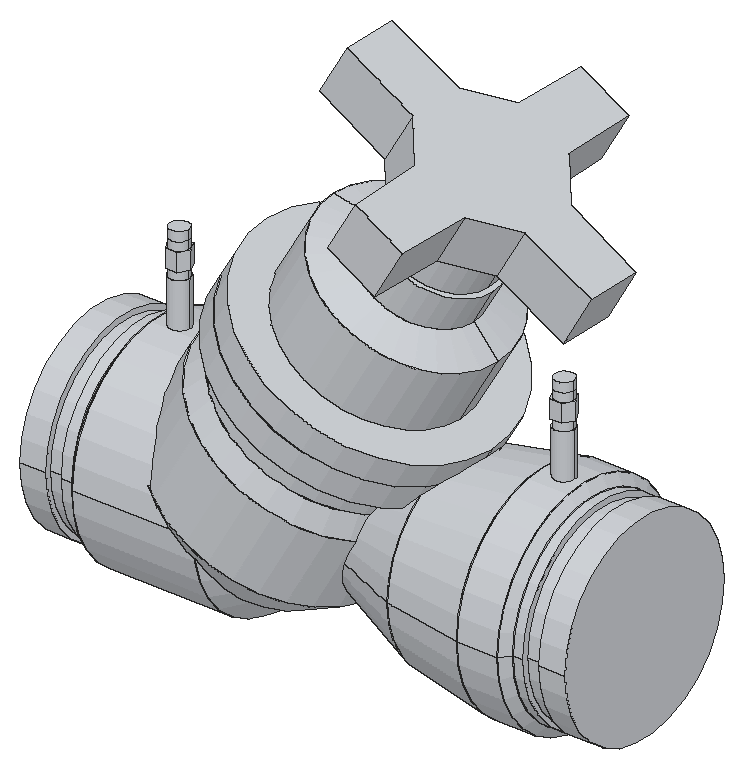
Revit family "447_d-DN200-RFA_2019", category Pipe Accessories, Revit 2019
Family settings
  Round Connector Dimension = Use Diameter
  Part Type = Valve - Breaks Into
  Work Plane-Based = No
  Always vertical = Yes
  Cut with Voids When Loaded = No
  Shared = No
Parameters (values of type "447_d-DN200")
  magiProductId = "f5a67fe5c2444fc986ed7f87b9a4ed"
  magiProductFamilyId = "eab8c084d85f47fc9aed3208e9defb"
  magiPartTypeId = 304
  isMeasuringValve [instance] = no
  ang2D [instance] = 0.00°
  W3 = 31.658 mm
  W2D = 100 mm
  W2 = 71.601 mm
  W1 = 30.372 mm
  VersionID = "2.0/2018.4.11.4/ZETKAMA_447_GROOVED_001"
  Use Minimum Symbol Size [instance] = yes
  URL = "www.hydronix.cz"
  Type Comments = "drážkový spoj; PN16; -10~+120°C;"
  R9 = 142.35 mm
  R8 = 60.225 mm
  R7 = 65.7 mm
  R6 = 131.4 mm
  R5 = 155 mm
  R4 = 60.225 mm
  R3 = 120.45 mm
  R2 = 104.025 mm
  R13 = 12.869 mm
  R12 = 10.071 mm
  R11 = 11.19 mm
  R1 = 109.5 mm
  R = 100 mm
  QmdConnectorList = "301;D;302;D"
  Productdata [instance] = ""
  Model = ""
  Manufacturer = "Hydronix"
  Maintenance Zone Under Depth [instance] = 110 mm
  Maintenance Zone Right Depth [instance] = 600 mm
  Maintenance Zone Over Depth [instance] = 480 mm
  Maintenance Zone Left Depth [instance] = 600 mm
  Maintenance Zone Front Depth [instance] = 310 mm
  Maintenance Zone Back Depth [instance] = 310 mm
  Maintenance Zone Front Visibility [instance] = no
  MC Product Code = "447 200 d (DN200; PN16 kvs710,0)"
  MC Piping Given Pressure Drop [instance] = 0.0 Pa
  L9 = 89.524 mm
  L8__ve = -L8  # -44.762 mm
  L8 = 44.762 mm
  L6 = 134.286 mm
  L5 = 8.571 mm
  L4__ve = -L4  # -11.429 mm
  L4 = 11.429 mm
  L3__ve = -L3  # -17.143 mm
  L3 = 17.143 mm
  L2__ve = -L2  # -28.571 mm
  L2D_Min = 3048 mm
  L2D = 350 mm
  L2 = 28.571 mm
  L13 = 22.381 mm
  L12 = 30.372 mm
  L11 = 31.658 mm
  L10 = 71.601 mm
  L1 = 300 mm
  KZ = 50 mm
  KL = 86.603 mm
  H9 = 12.394 mm
  H8 = 80.56 mm
  H7 = 30.984 mm
  H6 = 37.181 mm
  H5 = 24.788 mm
  H4 = 92.953 mm
  H17 = 19.2 mm
  H16 = 9.6 mm
  H15 = 168.45 mm
  H14 = 61.969 mm
  H13 = 46.477 mm
  H11 = 49.575 mm
  H10 = 43.378 mm
  Description = "Ruční vyvažovací ventil s drážkovým spojem"
  D = 200 mm
  CenSd_R13_6 = R13 * cos(30.00°)  # 11.145 mm
  Clearance Zone Height Depth [instance] = 480 mm
  Clearance Zone Circular Radius [instance] = 300 mm
  Clearance Zone Visibility [instance] = no
Types (10, lengths in mm): name | magiProductId | W3 | W2 | W1 | R9 | R8 | R7 | R6 | R5 | R4 | R3 | R2 | R13 | R12 | R11 | R1 | R | Maintenance Zone Under Depth | Maintenance Zone Right Depth | Maintenance Zone Over Depth | Maintenance Zone Left Depth | Maintenance Zone Front Depth | Maintenance Zone Back Depth | MC Product Code | L9 | L8__ve | L8 | L6 | L5 | L4__ve | L4 | L3__ve | L3 | L2__ve | L2 | L13 | L12 | L11 | L10 | L1 | KZ | KL | H9 | H8 | H7 | H6 | H5 | H4 | H17 | H16 | H15 | H14 | H13 | H11 | H10 | D | CenSd_R13_6 | Clearance Zone Height Depth | Clearance Zone Circular Radius
  447_d-DN100 | "e5a6bfdd9ca54003a0551f5d760c3c" | 14.437 | 30.026 | 12.736 | 74.1 | 31.35 | 34.2 | 68.4 | 65 | 31.35 | 62.7 | 54.15 | 7.507 | 5.875 | 6.528 | 57 | 50 | 57 | 350 | 240 | 350 | 130 | 130 | "447 100 d (DN100; PN16 kvs180,5)" | 52.222 | -26.111 | 26.111 | 78.333 | 5 | -6.667 | 6.667 | -10 | 10 | -16.667 | 16.667 | 13.056 | 12.736 | 14.437 | 30.026 | 175 | 29.167 | 50.518 | 6.389 | 41.531 | 15.973 | 19.168 | 12.779 | 47.92 | 9.6 | 4.8 | 86.7 | 31.947 | 23.96 | 25.557 | 22.363 | 100 | 6.501 | 240 | 175
  447_d-DN125 | "5795ec580370482d8c46e49d975863" | 14.437 | 30.026 | 12.736 | 91.65 | 38.775 | 42.3 | 84.6 | 65 | 38.775 | 77.55 | 66.975 | 8.579 | 6.714 | 7.46 | 70.5 | 62.5 | 71 | 400 | 260 | 400 | 130 | 130 | "447 125 d (DN125; PN16 kvs280,0)" | 59.683 | -29.841 | 29.841 | 89.524 | 5.714 | -7.619 | 7.619 | -11.429 | 11.429 | -19.048 | 19.048 | 14.921 | 12.736 | 14.437 | 30.026 | 200 | 33.333 | 57.735 | 7.005 | 45.534 | 17.513 | 21.016 | 14.01 | 52.539 | 10.4 | 5.2 | 103.55 | 35.026 | 26.269 | 28.021 | 24.518 | 125 | 7.43 | 260 | 200
  447_d-DN150 | "9b6b5ad10a674c51b522359e7e2d39" | 14.437 | 30.026 | 12.736 | 109.2 | 46.2 | 50.4 | 100.8 | 65 | 46.2 | 92.4 | 79.8 | 10.295 | 8.057 | 8.952 | 84 | 75 | 84 | 480 | 285 | 480 | 130 | 130 | "447 150 d (DN150; PN16 kvs383,4)" | 71.619 | -35.81 | 35.81 | 107.429 | 6.857 | -9.143 | 9.143 | -13.714 | 13.714 | -22.857 | 22.857 | 17.905 | 12.736 | 14.437 | 30.026 | 240 | 40 | 69.282 | 7.775 | 50.537 | 19.437 | 23.325 | 15.55 | 58.312 | 11.4 | 5.7 | 120.9 | 38.875 | 29.156 | 31.1 | 27.212 | 150 | 8.916 | 285 | 240
  447_d-DN200 | "f5a67fe5c2444fc986ed7f87b9a4ed" | 31.658 | 71.601 | 30.372 | 142.35 | 60.225 | 65.7 | 131.4 | 155 | 60.225 | 120.45 | 104.025 | 12.869 | 10.071 | 11.19 | 109.5 | 100 | 110 | 600 | 480 | 600 | 310 | 310 | "447 200 d (DN200; PN16 kvs710,0)" | 89.524 | -44.762 | 44.762 | 134.286 | 8.571 | -11.429 | 11.429 | -17.143 | 17.143 | -28.571 | 28.571 | 22.381 | 30.372 | 31.658 | 71.601 | 300 | 50 | 86.603 | 12.394 | 80.56 | 30.984 | 37.181 | 24.788 | 92.953 | 19.2 | 9.6 | 168.45 | 61.969 | 46.477 | 49.575 | 43.378 | 200 | 11.145 | 480 | 300
  447_d-DN250 | "7d63ae0d28f64990bc8ce3477101ef" | 31.658 | 71.601 | 30.372 | 177.45 | 75.075 | 81.9 | 163.8 | 155 | 75.075 | 150.15 | 129.675 | 15.657 | 12.254 | 13.615 | 136.5 | 125 | 137 | 730 | 525 | 730 | 310 | 310 | "447 250 d (DN250; PN16 kvs1187,5)" | 108.921 | -54.46 | 54.46 | 163.381 | 10.429 | -13.905 | 13.905 | -20.857 | 20.857 | -34.762 | 34.762 | 27.23 | 30.372 | 31.658 | 71.601 | 365 | 60.833 | 105.366 | 13.779 | 89.566 | 34.449 | 41.338 | 27.559 | 103.346 | 21 | 10.5 | 202.65 | 68.897 | 51.673 | 55.118 | 48.228 | 250 | 13.56 | 525 | 365
  447_d-DN300 | "0a2a34dba99a430aa7daf784d6b0c1" | 31.658 | 71.601 | 30.372 | 210.6 | 89.1 | 97.2 | 194.4 | 155 | 89.1 | 178.2 | 153.9 | 18.231 | 14.268 | 15.853 | 162 | 150 | 162 | 850 | 535 | 850 | 310 | 310 | "447 300 d (DN300; PN16 kvs1504,1)" | 126.825 | -63.413 | 63.413 | 190.238 | 12.143 | -16.19 | 16.19 | -24.286 | 24.286 | -40.476 | 40.476 | 31.706 | 30.372 | 31.658 | 71.601 | 425 | 70.833 | 122.687 | 14.087 | 91.568 | 35.218 | 42.262 | 28.175 | 105.655 | 21.4 | 10.7 | 231.7 | 70.437 | 52.828 | 56.349 | 49.306 | 300 | 15.789 | 535 | 425
  447_d-DN040 | "6dc4a6b5eb924103b02307904d600f" | 9.08 | 17.092 | 7.25 | 31.2 | 13.2 | 14.4 | 28.8 | 37 | 13.2 | 26.4 | 22.8 | 4.29 | 3.357 | 3.73 | 24 | 20 | 24 | 200 | 130 | 200 | 74 | 74 | "447 040 d (DN40; PN16 kvs22,36)" | 29.841 | -14.921 | 14.921 | 44.762 | 2.857 | -3.81 | 3.81 | -5.714 | 5.714 | -9.524 | 9.524 | 7.46 | 7.25 | 9.08 | 17.092 | 100 | 16.667 | 28.868 | 3.433 | 22.317 | 8.583 | 10.3 | 6.867 | 25.75 | 5.2 | 2.6 | 39.4 | 17.167 | 12.875 | 13.733 | 12.017 | 40 | 3.715 | 130 | 100
  447_d-DN050 | "b59a3d0ad4654cda90cee0c397c848" | 9.08 | 17.092 | 7.25 | 39 | 16.5 | 18 | 36 | 37 | 16.5 | 33 | 28.5 | 4.933 | 3.861 | 4.29 | 30 | 25 | 30 | 230 | 130 | 230 | 130 | 130 | "447 050 d (DN50; PN16 kvs32,15)" | 34.317 | -17.159 | 17.159 | 51.476 | 3.286 | -4.381 | 4.381 | -6.571 | 6.571 | -10.952 | 10.952 | 8.579 | 7.25 | 9.08 | 17.092 | 115 | 19.167 | 33.198 | 3.433 | 22.317 | 8.583 | 10.3 | 6.867 | 25.75 | 5.2 | 2.6 | 46 | 17.167 | 12.875 | 13.733 | 12.017 | 50 | 4.272 | 130 | 115
  447_d-DN065 | "356db372cd37496c9ff0d3ad255dc6" | 14.437 | 30.026 | 12.736 | 49.4 | 20.9 | 22.8 | 45.6 | 65 | 20.9 | 41.8 | 36.1 | 6.22 | 4.868 | 5.409 | 38 | 32.5 | 38 | 290 | 220 | 290 | 130 | 130 | "447 065 d (DN65; PN16 kvs83,3)" | 43.27 | -21.635 | 21.635 | 64.905 | 4.143 | -5.524 | 5.524 | -8.286 | 8.286 | -13.81 | 13.81 | 10.817 | 12.736 | 14.437 | 30.026 | 145 | 24.167 | 41.858 | 5.774 | 37.528 | 14.434 | 17.321 | 11.547 | 43.301 | 8.8 | 4.4 | 63.8 | 28.868 | 21.651 | 23.094 | 20.207 | 65 | 5.387 | 220 | 145
  447_d-DN080 | "f43aa02b4841429783243073d22ea7" | 14.437 | 30.026 | 12.736 | 57.85 | 24.475 | 26.7 | 53.4 | 65 | 24.475 | 48.95 | 42.275 | 6.649 | 5.204 | 5.782 | 44.5 | 40 | 45 | 310 | 220 | 310 | 130 | 130 | "447 080 d (DN80; PN16 kvs104,3)" | 46.254 | -23.127 | 23.127 | 69.381 | 4.429 | -5.905 | 5.905 | -8.857 | 8.857 | -14.762 | 14.762 | 11.563 | 12.736 | 14.437 | 30.026 | 155 | 25.833 | 44.745 | 5.774 | 37.528 | 14.434 | 17.321 | 11.547 | 43.301 | 8.8 | 4.4 | 70.95 | 28.868 | 21.651 | 23.094 | 20.207 | 80 | 5.758 | 220 | 155
Reference planes
  plane 1 "Center (Front/Back)": y = 0
  plane 2 "XYPLANE": z = 0
  plane 3 "Center (Left/Right)": x = 0
  plane 4 "159": y = 310
  plane 5 "158": y = -310
  plane 6 "157": z = -110
  plane 7 "156": z = 480
  plane 8 "155": x = -600
  plane 9 "154": x = 600
  plane 10 "132": z = 206.85
  plane 11 "125": z = 197.25
  plane 12 "120": z = 178.05
  plane 13 "119": z = 168.45
  plane 14 "112": x = 211.905
  plane 15 "111": x = -211.905
  plane 16 "109": y = -31.658
  plane 17 "108": y = 31.658
  plane 18 "105": through (326.303, 0, 677.634) normal (0.866, 0, -0.5)
  plane 19 "104": through (273.697, 0, 708.006) normal (0.866, 0, -0.5)
  plane 20 "103": y = -71.601
  plane 21 "102": y = -30.372
  plane 22 "101": y = 71.601
  plane 23 "100": y = 30.372
  plane 24 "99": through (272.583, 0, 708.649) normal (0.866, 0, -0.5)
  plane 25 "98": through (237.992, 0, 728.621) normal (0.866, 0, -0.5)
  plane 26 "97": through (327.417, 0, 676.991) normal (0.866, 0, -0.5)
  plane 27 "96": through (362.008, 0, 657.02) normal (0.866, 0, -0.5)
  plane 28 "95": y = -155
  plane 29 "94": y = 155
  plane 30 "93": through (434.234, 0, 615.32) normal (0.866, 0, -0.5)
  plane 31 "92": through (165.766, 0, 770.32) normal (0.866, 0, -0.5)
  plane 32 "88": x = 100
  plane 33 "87": x = 189.524
  plane 34 "81": through (-473.12, 0, 680.532) normal (0.5, 0, 0.866)
  plane 35 "80": through (-497.908, 0, 637.599) normal (0.5, 0, 0.866)
  plane 36 "75": through (-519.597, 0, 600.032) normal (0.5, 0, 0.866)
  plane 37 "72": through (-525.794, 0, 589.299) normal (0.5, 0, 0.866)
  plane 38 "68": through (-566.073, 0, 519.532) normal (0.5, 0, 0.866)
  plane 39 "67": through (-581.566, 0, 492.699) normal (0.5, 0, 0.866)
  plane 40 "62": through (-697.757, 0, 291.449) normal (0.5, 0, 0.866)
  plane 41 "61": through (-597.058, 0, 465.865) normal (0.5, 0, 0.866)
  plane 42 "58": through (-615.649, 0, 433.665) normal (0.5, 0, 0.866)
  plane 43 "56": through (-628.042, 0, 412.199) normal (0.5, 0, 0.866)
  plane 44 "51": y = 0
  plane 45 "49": through (300, 0, 692.82) normal (0.866, 0, -0.5)
  plane 46 "48": through (-674.519, 0, 331.699) normal (0.5, 0, 0.866)
  plane 47 "30": x = 234.286
  plane 48 "29": x = 242.857
  plane 49 "28": x = 254.286
  plane 50 "27": x = 271.429
  plane 51 "14": x = -100
  plane 52 "13": x = -234.286
  plane 53 "12": x = -242.857
  plane 54 "11": x = -254.286
  plane 55 "10": x = -271.429
  plane 56 "8": x = -300
  plane 57 "7": x = 300
  plane 58 "6": y = 0
  plane 59 "5": x = 0
  plane 60 "4": z = 0
  plane 61 "45XY": through (-649.519, 0, 375) normal (0.5, 0, 0.866)
  plane 62 "45XZ": y = 0
  plane 63 "45YZ": through (375, 0, 649.519) normal (0.866, 0, -0.5)
Forms (mm)
  Blend 1, solid, visible <- "Maintenance Zone Front Visibility"
    base sketch origin (-750, 0, -110) x (1, 0, 0) y (0, 1, 0)
      loop
        line (150, 310) -> (150, -310) -> (1350, -310) -> (1350, 310) -> (150, 310)
    top sketch origin (-750, 0, -110) x (1, 0, 0) y (0, 1, 0)
      loop
        line (150, 310) -> (150, -310) -> (1350, -310) -> (1350, 310) -> (150, 310)
    from 0 to 590
  Extrusion 2, solid, visible <- "Clearance Zone Visibility"
    sketch origin (-750, 0, 0) x (1, 0, 0) y (0, 1, 0)
      loop
        circle (750, 0) r 300
    from 0 to 480 <- "Clearance Zone Height Depth"
  Extrusion 3, solid
    sketch origin (-750, 0, 206.85) x (1, 0, 0) y (0, 1, 0)
      loop
        circle (961.905, 0) r 10.071
    from 0 to 9.6 <- "H16"
  Extrusion 4, solid
    sketch origin (-750, 0, 197.25) x (1, 0, 0) y (0, 1, 0)
      loop
        circle (961.905, 0) r 10.071
    from 0 to 9.6 <- "H16"
  Extrusion 5, solid
    sketch origin (-750, 0, 206.85) x (1, 0, 0) y (0, 1, 0)
      loop
        circle (538.095, 0) r 10.071
    from 0 to 9.6 <- "H16"
  Extrusion 6, solid
    sketch origin (-750, 0, 197.25) x (1, 0, 0) y (0, 1, 0)
      loop
        circle (538.095, 0) r 10.071
    from 0 to 9.6 <- "H16"
  Extrusion 7, solid
    sketch origin (-750, 0, 178.05) x (1, 0, 0) y (0, 1, 0)
      loop
        line (974.774, 0) -> (968.339, 11.145) -> (955.47, 11.145) -> (949.036, 0) -> (955.47, -11.145) -> (968.339, -11.145) -> (974.774, 0)
    from 0 to 19.2 <- "H17"
  Extrusion 8, solid
    sketch origin (-750, 0, 178.05) x (1, 0, 0) y (0, 1, 0)
      loop
        line (550.964, 0) -> (544.53, 11.145) -> (531.661, 11.145) -> (525.226, 0) -> (531.661, -11.145) -> (544.53, -11.145) -> (550.964, 0)
    from 0 to 19.2 <- "H17"
  Extrusion 9, solid
    sketch origin (-750, 0, 168.45) x (1, 0, 0) y (0, 1, 0)
      loop
        circle (961.905, 0) r 10.071
    from 0 to 9.6 <- "H16"
  Extrusion 10, solid
    sketch origin (-750, 0, 168.45) x (1, 0, 0) y (0, 1, 0)
      loop
        circle (538.095, 0) r 10.071
    from 0 to 9.6 <- "H16"
  Extrusion 11, solid
    sketch origin (-750, 0, 0) x (1, 0, 0) y (0, 1, 0)
      loop
        circle (961.905, 0) r 11.19
    from 0 to 168.45 <- "H15"
  Extrusion 12, solid
    sketch origin (-750, 0, 0) x (1, 0, 0) y (0, 1, 0)
      loop
        circle (538.095, 0) r 11.19
    from 0 to 168.45 <- "H15"
  Extrusion 13, solid
    sketch origin (-473.12, 0, 680.532) x (0.866025, 0, -0.5) y (0, 1, 0)
      loop
        line (508.397, 30.372) -> (508.397, -30.372) -> (591.797, -31.658) -> (631.739, -71.601) -> (633.026, -155) -> (693.769, -155) -> (695.055, -71.601) -> (734.998, -31.658) -> (818.397, -30.372) -> (818.397, 30.372) -> (734.998, 31.658) -> (695.055, 71.601) -> (693.769, 155) -> (633.026, 155) -> (631.739, 71.601) -> (591.797, 31.658) -> (508.397, 30.372)
    from 0 to 61.969 <- "H14"
  Blend 14, solid
    base sketch origin (189.524, -750, 0) x (0, 1, 0) y (0, 0, 1)
      loop
        circle (750, 0) r 120.45
    top sketch origin (189.524, -750, 0) x (0, 1, 0) y (0, 0, 1)
      loop
        circle (750, 0) r 104.025
    from 0 to -89.524
  Extrusion 15, solid
    sketch origin (-581.566, 0, 492.699) x (0.866025, 0, -0.5) y (0, 1, 0)
      loop
        circle (663.397, 0) r 142.35
    from 0 to 30.984 <- "H7"
  Extrusion 16, solid
    sketch origin (-597.058, 0, 465.865) x (0.866025, 0, -0.5) y (0, 1, 0)
      loop
        circle (663.397, 0) r 142.35
    from 0 to 30.984 <- "H7"
  Extrusion 17, solid
    sketch origin (-497.908, 0, 637.599) x (0.866025, 0, -0.5) y (0, 1, 0)
      loop
        circle (663.397, 0) r 60.225
    from 0 to 49.575 <- "H11"
  Blend 18, solid
    base sketch origin (-525.794, 0, 589.299) x (0.866025, 0, -0.5) y (0, 1, 0)
      loop
        circle (663.397, 0) r 104.025
    top sketch origin (-525.794, 0, 589.299) x (0.866025, 0, -0.5) y (0, 1, 0)
      loop
        circle (663.397, 0) r 65.7
    from 0 to 12.394
  Extrusion 19, solid
    sketch origin (-566.073, 0, 519.532) x (0.866025, 0, -0.5) y (0, 1, 0)
      loop
        circle (663.397, 0) r 104.025
    from 0 to 80.56 <- "H8"
  Extrusion 20, solid
    sketch origin (-519.597, 0, 600.032) x (0.866025, 0, -0.5) y (0, 1, 0)
      loop
        circle (663.397, 0) r 65.7
    from 0 to 43.378 <- "H10"
  Blend 21, solid
    base sketch origin (-674.519, 0, 331.699) x (0.866025, 0, -0.5) y (0, 1, 0)
      loop
        circle (663.397, 0) r 131.4
    top sketch origin (-674.519, 0, 331.699) x (0.866025, 0, -0.5) y (0, 1, 0)
      loop
        circle (663.397, 0) r 100
    from 0 to -46.477
  Extrusion 22, solid
    sketch origin (-615.649, 0, 433.665) x (0.866025, 0, -0.5) y (0, 1, 0)
      loop
        circle (663.397, 0) r 120.45
    from 0 to 37.181 <- "H6"
  Blend 23, solid
    base sketch origin (-628.042, 0, 412.199) x (0.866025, 0, -0.5) y (0, 1, 0)
      loop
        circle (663.397, 0) r 131.4
    top sketch origin (-628.042, 0, 412.199) x (0.866025, 0, -0.5) y (0, 1, 0)
      loop
        circle (663.397, 0) r 120.45
    from 0 to 24.788
  Extrusion 24, solid
    sketch origin (-674.519, 0, 331.699) x (0.866025, 0, -0.5) y (0, 1, 0)
      loop
        circle (663.397, 0) r 131.4
    from 0 to 92.953 <- "H4"
  Extrusion 25, solid
    sketch origin (300, -750, 0) x (0, 1, 0) y (0, 0, 1)
      loop
        circle (750, 0) r 109.5
    from 0 to -28.571 <- "L2__ve"
  Extrusion 26, solid
    sketch origin (271.429, -750, 0) x (0, 1, 0) y (0, 0, 1)
      loop
        circle (750, 0) r 104.025
    from 0 to -17.143 <- "L3__ve"
  Extrusion 27, solid
    sketch origin (254.286, -750, 0) x (0, 1, 0) y (0, 0, 1)
      loop
        circle (750, 0) r 109.5
    from 0 to -11.429 <- "L4__ve"
  Blend 28, solid
    base sketch origin (242.857, -750, 0) x (0, 1, 0) y (0, 0, 1)
      loop
        circle (750, 0) r 109.5
    top sketch origin (242.857, -750, 0) x (0, 1, 0) y (0, 0, 1)
      loop
        circle (750, 0) r 120.45
    from 0 to -8.571
  Extrusion 29, solid
    sketch origin (234.286, -750, 0) x (0, 1, 0) y (0, 0, 1)
      loop
        circle (750, 0) r 120.45
    from 0 to -44.762 <- "L8__ve"
  Blend 30, solid
    base sketch origin (100, -750, 0) x (0, 1, 0) y (0, 0, 1)
      loop
        circle (750, 0) r 104.025
    top sketch origin (100, -750, 0) x (0, 1, 0) y (0, 0, 1)
      loop
        circle (750, 0) r 60.225
    from 0 to -100
  Blend 31, solid
    base sketch origin (-100, -750, 0) x (0, 1, 0) y (0, 0, 1)
      loop
        circle (750, 0) r 120.45
    top sketch origin (-100, -750, 0) x (0, 1, 0) y (0, 0, 1)
      loop
        circle (750, 0) r 60.225
    from 0 to 100
  Extrusion 32, solid
    sketch origin (-234.286, -750, 0) x (0, 1, 0) y (0, 0, 1)
      loop
        circle (750, 0) r 120.45
    from 0 to 134.286 <- "L6"
  Blend 33, solid
    base sketch origin (-242.857, -750, 0) x (0, 1, 0) y (0, 0, 1)
      loop
        circle (750, 0) r 109.5
    top sketch origin (-242.857, -750, 0) x (0, 1, 0) y (0, 0, 1)
      loop
        circle (750, 0) r 120.45
    from 0 to 8.571
  Extrusion 34, solid
    sketch origin (-254.286, -750, 0) x (0, 1, 0) y (0, 0, 1)
      loop
        circle (750, 0) r 109.5
    from 0 to 11.429 <- "L4"
  Extrusion 35, solid
    sketch origin (-271.429, -750, 0) x (0, 1, 0) y (0, 0, 1)
      loop
        circle (750, 0) r 104.025
    from 0 to 17.143 <- "L3"
  Extrusion 36, solid
    sketch origin (-300, -750, 0) x (0, 1, 0) y (0, 0, 1)
      loop
        circle (750, 0) r 109.5
    from 0 to 28.571 <- "L2"
  Extrusion 37, solid, not visible
    sketch origin (-300, -750, 0) x (0, 1, 0) y (0, 0, 1)
      loop
        circle (750, 0) r 27.635
    from 0 to 10
  Extrusion 38, solid, not visible
    sketch origin (300, -750, 0) x (0, 1, 0) y (0, 0, 1)
      loop
        circle (750, 0) r 27.635
    from 0 to -10
Lines and regions (mm)
  reference lines, not visible
    curve 1: circle (2, 2, 0) r 1 normal (0, 0, 1)
  reference lines
    curve 2: line (211.905, 0, 178.05) -> (210.028, 3.251, 178.05)
    curve 3: line (211.905, 0, 178.05) -> (208.151, 0, 178.05)
    curve 4: line (211.905, 0, 178.05) -> (210.028, -3.251, 178.05)
    curve 5: line (-211.905, 0, 178.05) -> (-213.781, 3.251, 178.05)
    curve 6: line (-211.905, 0, 178.05) -> (-215.658, 0, 178.05)
    curve 7: line (-211.905, 0, 178.05) -> (-213.781, -3.251, 178.05)
Dimensions and locks
  plane 1 "Center (Front/Back)" to curve 1 = 2 mm
  "Maintenance Zone Back Depth": plane 1 "Center (Front/Back)" to plane 4 "159"
  "Maintenance Zone Front Depth": plane 1 "Center (Front/Back)" to plane 5 "158"
  "Maintenance Zone Under Depth": plane 2 "XYPLANE" to plane 6 "157"
  "Maintenance Zone Over Depth": plane 2 "XYPLANE" to plane 7 "156"
  "Maintenance Zone Left Depth": plane 3 "Center (Left/Right)" to plane 8 "155"
  "Maintenance Zone Right Depth": plane 3 "Center (Left/Right)" to plane 9 "154"
  "H16": plane 11 "125" to plane 10 "132"
  "H17": plane 12 "120" to plane 11 "125"
  "H16": plane 13 "119" to plane 12 "120"
  "H15": plane 2 "XYPLANE" to plane 13 "119"
  "L13": plane 47 "30" to plane 14 "112"
  "L13": plane 52 "13" to plane 15 "111"
  "W3": plane 44 "51" to plane 16 "109"
  "W3": plane 44 "51" to plane 17 "108"
  "L12": plane 45 "49" to plane 18 "105"
  "L12": plane 45 "49" to plane 19 "104"
  "W2": plane 58 "6" to plane 20 "103"
  "W1": plane 58 "6" to plane 21 "102"
  "W2": plane 58 "6" to plane 22 "101"
  "W1": plane 58 "6" to plane 23 "100"
  "L11": plane 45 "49" to plane 24 "99"
  "L10": plane 45 "49" to plane 25 "98"
  "L11": plane 45 "49" to plane 26 "97"
  "L10": plane 45 "49" to plane 27 "96"
  "R5": plane 58 "6" to plane 28 "95"
  "R5": plane 58 "6" to plane 29 "94"
  "R5": plane 45 "49" to plane 30 "93"
  "R5": plane 45 "49" to plane 31 "92"
  "L9": plane 33 "87" to plane 32 "88"
  "L8": plane 47 "30" to plane 33 "87"
  "H11": plane 35 "80" to plane 34 "81"
  "H10": plane 36 "75" to plane 35 "80"
  "H9": plane 37 "72" to plane 36 "75"
  "H8": plane 38 "68" to plane 37 "72"
  "H7": plane 39 "67" to plane 38 "68"
  "H7": plane 41 "61" to plane 39 "67"
  "H13": plane 46 "48" to plane 40 "62"
  "H6": plane 42 "58" to plane 41 "61"
  "H5": plane 43 "56" to plane 42 "58"
  "H4": plane 46 "48" to plane 43 "56"
  locked: plane 58 "6" to plane 44 "51"
  "KL": plane 63 "45YZ" to plane 45 "49"
  "KZ": plane 61 "45XY" to plane 46 "48"
  "L5": plane 48 "29" to plane 47 "30"
  "L4": plane 49 "28" to plane 48 "29"
  "L3": plane 50 "27" to plane 49 "28"
  "L2": plane 57 "7" to plane 50 "27"
  "L6": plane 52 "13" to plane 51 "14"
  "L5": plane 53 "12" to plane 52 "13"
  "L4": plane 54 "11" to plane 53 "12"
  "L3": plane 55 "10" to plane 54 "11"
  "L2": plane 56 "8" to plane 55 "10"
  "L1": plane 3 "Center (Left/Right)" to plane 56 "8"
  "L1": plane 3 "Center (Left/Right)" to plane 57 "7"
  locked: plane 1 "Center (Front/Back)" to plane 58 "6"
  locked: plane 3 "Center (Left/Right)" to plane 59 "5"
  locked: plane 2 "XYPLANE" to plane 60 "4"
  Blend 1 sketch curve to Blend 1 sketch curve = 0 mm  (x16)
  "CenSd_R13_6": curve 2 to Extrusion 7 sketch curve  (x2)
  "CenSd_R13_6": curve 3 to Extrusion 7 sketch curve  (x2)
  "CenSd_R13_6": curve 4 to Extrusion 7 sketch curve  (x2)
  Extrusion 7 sketch curve to Extrusion 7 sketch curve = 0 mm  (x12)
  "CenSd_R13_6": curve 5 to Extrusion 8 sketch curve  (x2)
  "CenSd_R13_6": curve 6 to Extrusion 8 sketch curve  (x2)
  "CenSd_R13_6": curve 7 to Extrusion 8 sketch curve  (x2)
  Extrusion 8 sketch curve to Extrusion 8 sketch curve = 0 mm  (x12)
  Extrusion 13 sketch curve to Extrusion 13 sketch curve = 0 mm  (x32)
  "Clearance Zone Circular Radius": radius of Extrusion 2 sketch curve
  "R12": radius of Extrusion 3 sketch curve
  "R12": radius of Extrusion 4 sketch curve
  "R12": radius of Extrusion 5 sketch curve
  "R12": radius of Extrusion 6 sketch curve
  "R12": radius of Extrusion 9 sketch curve
  "R12": radius of Extrusion 10 sketch curve
  "R11": radius of Extrusion 11 sketch curve
  "R11": radius of Extrusion 12 sketch curve
  "R2": radius of Blend 14 sketch curve
  "R3": radius of Blend 14 sketch curve
  "R9": radius of Extrusion 15 sketch curve
  "R9": radius of Extrusion 16 sketch curve
  "R8": radius of Extrusion 17 sketch curve
  "R7": radius of Blend 18 sketch curve
  "R2": radius of Blend 18 sketch curve
  "R2": radius of Extrusion 19 sketch curve
  "R7": radius of Extrusion 20 sketch curve
  "R": radius of Blend 21 sketch curve
  "R6": radius of Blend 21 sketch curve
  "R3": radius of Extrusion 22 sketch curve
  "R3": radius of Blend 23 sketch curve
  "R6": radius of Blend 23 sketch curve
  "R6": radius of Extrusion 24 sketch curve
  "R1": radius of Extrusion 25 sketch curve
  "R2": radius of Extrusion 26 sketch curve
  "R1": radius of Extrusion 27 sketch curve
  "R3": radius of Blend 28 sketch curve
  "R1": radius of Blend 28 sketch curve
  "R3": radius of Extrusion 29 sketch curve
  "R4": radius of Blend 30 sketch curve
  "R2": radius of Blend 30 sketch curve
  "R4": radius of Blend 31 sketch curve
  "R3": radius of Blend 31 sketch curve
  "R3": radius of Extrusion 32 sketch curve
  "R3": radius of Blend 33 sketch curve
  "R1": radius of Blend 33 sketch curve
  "R1": radius of Extrusion 34 sketch curve
  "R2": radius of Extrusion 35 sketch curve
  "R1": radius of Extrusion 36 sketch curve
  locked: curve 3 to curve 2 (angle 60.00°)
  locked: curve 4 to curve 3 (angle 60.00°)
  locked: curve 4 to curve 2 (angle 120.00°)
  locked: curve 6 to curve 5 (angle 60.00°)
  locked: curve 7 to curve 6 (angle 60.00°)
  locked: curve 7 to curve 5 (angle 120.00°)
  aligned and locked: level to plane 2 "XYPLANE"
  aligned and locked: Blend 1 sketch curve to plane 8 "155"  (x2)
  aligned and locked: plane 4 "159" to Blend 1 sketch curve  (x4)
  aligned and locked: plane 5 "158" to Blend 1 sketch curve  (x4)
  aligned and locked: plane 8 "155" to Blend 1 sketch curve  (x2)
  aligned and locked: plane 9 "154" to Blend 1 sketch curve  (x4)
  aligned and locked: plane 7 "156" to Blend 1
  aligned and locked: plane 58 "6" to Extrusion 2 sketch curve
  aligned and locked: plane 59 "5" to Extrusion 2 sketch curve
  aligned and locked: plane 14 "112" to Extrusion 3 sketch curve
  aligned and locked: plane 58 "6" to Extrusion 3 sketch curve
  aligned and locked: plane 14 "112" to Extrusion 4 sketch curve
  aligned and locked: plane 58 "6" to Extrusion 4 sketch curve
  aligned and locked: plane 15 "111" to Extrusion 5 sketch curve
  aligned and locked: plane 58 "6" to Extrusion 5 sketch curve
  aligned and locked: plane 15 "111" to Extrusion 6 sketch curve
  aligned and locked: plane 58 "6" to Extrusion 6 sketch curve
  aligned and locked: plane 14 "112" to curve 4
  aligned and locked: plane 58 "6" to curve 4
  aligned and locked: plane 15 "111" to curve 6
  aligned and locked: plane 58 "6" to curve 6
  aligned and locked: plane 14 "112" to Extrusion 9 sketch curve
  aligned and locked: plane 58 "6" to Extrusion 9 sketch curve
  aligned and locked: plane 15 "111" to Extrusion 10 sketch curve
  aligned and locked: plane 58 "6" to Extrusion 10 sketch curve
  aligned and locked: plane 14 "112" to Extrusion 11 sketch curve
  aligned and locked: plane 58 "6" to Extrusion 11 sketch curve
  aligned and locked: plane 15 "111" to Extrusion 12 sketch curve
  aligned and locked: plane 58 "6" to Extrusion 12 sketch curve
  aligned and locked: Extrusion 13 sketch curve to plane 31 "92"  (x2)
  aligned and locked: plane 23 "100" to Extrusion 13 sketch curve  (x2)
  aligned and locked: plane 21 "102" to Extrusion 13 sketch curve  (x2)
  aligned and locked: plane 16 "109" to Extrusion 13 sketch curve  (x2)
  aligned and locked: Extrusion 13 sketch curve to plane 25 "98"
  aligned and locked: plane 20 "103" to Extrusion 13 sketch curve  (x2)
  aligned and locked: Extrusion 13 sketch curve to plane 24 "99"
  aligned and locked: plane 28 "95" to Extrusion 13 sketch curve  (x2)
  aligned and locked: Extrusion 13 sketch curve to plane 19 "104"
  aligned and locked: Extrusion 13 sketch curve to plane 18 "105"
  aligned and locked: Extrusion 13 sketch curve to plane 26 "97"
  aligned and locked: Extrusion 13 sketch curve to plane 27 "96"
  aligned and locked: Extrusion 13 sketch curve to plane 30 "93"
  aligned and locked: plane 30 "93" to Extrusion 13 sketch curve
  aligned and locked: plane 17 "108" to Extrusion 13 sketch curve  (x2)
  aligned and locked: plane 27 "96" to Extrusion 13 sketch curve
  aligned and locked: plane 22 "101" to Extrusion 13 sketch curve  (x2)
  aligned and locked: plane 26 "97" to Extrusion 13 sketch curve
  aligned and locked: plane 18 "105" to Extrusion 13 sketch curve
  aligned and locked: plane 29 "94" to Extrusion 13 sketch curve  (x2)
  aligned and locked: plane 19 "104" to Extrusion 13 sketch curve
  aligned and locked: plane 24 "99" to Extrusion 13 sketch curve
  aligned and locked: plane 25 "98" to Extrusion 13 sketch curve
  aligned and locked: Blend 14 sketch curve to plane 58 "6"  (x2)
  aligned and locked: plane 60 "4" to Blend 14 sketch curve  (x2)
  aligned and locked: Blend 14 to plane 32 "88"
  aligned and locked: plane 44 "51" to Extrusion 15 sketch curve
  aligned and locked: Extrusion 15 sketch curve to plane 45 "49"
  aligned and locked: plane 44 "51" to Extrusion 16 sketch curve
  aligned and locked: Extrusion 16 sketch curve to plane 45 "49"
  aligned and locked: plane 44 "51" to Extrusion 17 sketch curve
  aligned and locked: Extrusion 17 sketch curve to plane 45 "49"
  aligned and locked: plane 44 "51" to Blend 18 sketch curve  (x2)
  aligned and locked: Blend 18 sketch curve to plane 45 "49"  (x2)
  aligned and locked: plane 36 "75" to Blend 18
  aligned and locked: plane 44 "51" to Extrusion 19 sketch curve
  aligned and locked: Extrusion 19 sketch curve to plane 45 "49"
  aligned and locked: plane 44 "51" to Extrusion 20 sketch curve
  aligned and locked: Extrusion 20 sketch curve to plane 45 "49"
  aligned and locked: plane 44 "51" to Blend 21 sketch curve  (x2)
  aligned and locked: Blend 21 sketch curve to plane 45 "49"  (x2)
  aligned and locked: Blend 21 to plane 40 "62"
  aligned and locked: plane 44 "51" to Extrusion 22 sketch curve
  aligned and locked: Extrusion 22 sketch curve to plane 45 "49"
  aligned and locked: plane 44 "51" to Blend 23 sketch curve  (x2)
  aligned and locked: Blend 23 sketch curve to plane 45 "49"  (x2)
  aligned and locked: plane 42 "58" to Blend 23
  aligned and locked: plane 44 "51" to Extrusion 24 sketch curve
  aligned and locked: Extrusion 24 sketch curve to plane 45 "49"
  aligned and locked: Extrusion 25 sketch curve to plane 58 "6"
  aligned and locked: plane 60 "4" to Extrusion 25 sketch curve
  aligned and locked: Extrusion 26 sketch curve to plane 58 "6"
  aligned and locked: plane 60 "4" to Extrusion 26 sketch curve
  aligned and locked: Extrusion 27 sketch curve to plane 58 "6"
  aligned and locked: plane 60 "4" to Extrusion 27 sketch curve
  aligned and locked: Blend 28 sketch curve to plane 58 "6"  (x2)
  aligned and locked: plane 60 "4" to Blend 28 sketch curve  (x2)
  aligned and locked: Blend 28 to plane 47 "30"
  aligned and locked: Extrusion 29 sketch curve to plane 58 "6"
  aligned and locked: plane 60 "4" to Extrusion 29 sketch curve
  aligned and locked: Blend 30 sketch curve to plane 58 "6"  (x2)
  aligned and locked: plane 60 "4" to Blend 30 sketch curve  (x2)
  aligned and locked: Blend 30 to plane 59 "5"
  aligned and locked: Blend 31 sketch curve to plane 58 "6"  (x2)
  aligned and locked: plane 60 "4" to Blend 31 sketch curve  (x2)
  aligned and locked: plane 59 "5" to Blend 31
  aligned and locked: Extrusion 32 sketch curve to plane 58 "6"
  aligned and locked: plane 60 "4" to Extrusion 32 sketch curve
  aligned and locked: Blend 33 sketch curve to plane 58 "6"  (x2)
  aligned and locked: plane 60 "4" to Blend 33 sketch curve  (x2)
  aligned and locked: plane 52 "13" to Blend 33
  aligned and locked: Extrusion 34 sketch curve to plane 58 "6"
  aligned and locked: plane 60 "4" to Extrusion 34 sketch curve
  aligned and locked: Extrusion 35 sketch curve to plane 58 "6"
  aligned and locked: plane 60 "4" to Extrusion 35 sketch curve
  aligned and locked: Extrusion 36 sketch curve to plane 58 "6"
  aligned and locked: plane 60 "4" to Extrusion 36 sketch curve
  aligned and locked: Extrusion 37 sketch curve to plane 58 "6"
  aligned and locked: plane 60 "4" to Extrusion 37 sketch curve
  aligned and locked: Extrusion 38 sketch curve to plane 58 "6"
  aligned and locked: plane 60 "4" to Extrusion 38 sketch curve
Automatic sketch dimensions
  plane 21 "102" to Extrusion 37 sketch curve = 2.736 mm
  plane 21 "102" to Extrusion 38 sketch curve = 2.736 mm
  plane 3 "Center (Left/Right)" to curve 1 = 2 mm
  radius of curve 1 = 1 mm
Connectors
  piping at (-300, 0, 0), diameter 200, driven by "D"
    settings: on Extrusion 37, index 1, connector inside diameter 609.6 mm, connector length 0 mm, flow factor 0, pipe flow 0.0 L/s, pressure drop 0.0 Pa, fitting loss kfactor 0, connector angle 0.00°, fixture units 0, engagement length 0 mm, angle of deflection 0.00°, flow configuration 0, flow direction 0, fitting loss method 0, system type 29, joint type 0, gender type 0, connector reference index 2, connector utility 0, adjustable connector no, is connector primary yes, connector description ""
  piping at (300, 0, 0), diameter 200, driven by "D"
    settings: on Extrusion 38, index 2, connector inside diameter 609.6 mm, connector length 0 mm, flow factor 0, pipe flow 0.0 L/s, pressure drop 0.0 Pa, fitting loss kfactor 0, connector angle 0.00°, fixture units 0, engagement length 0 mm, angle of deflection 0.00°, flow configuration 0, flow direction 0, fitting loss method 0, system type 29, joint type 0, gender type 0, connector reference index 1, connector utility 0, adjustable connector no, is connector primary no, connector description ""
